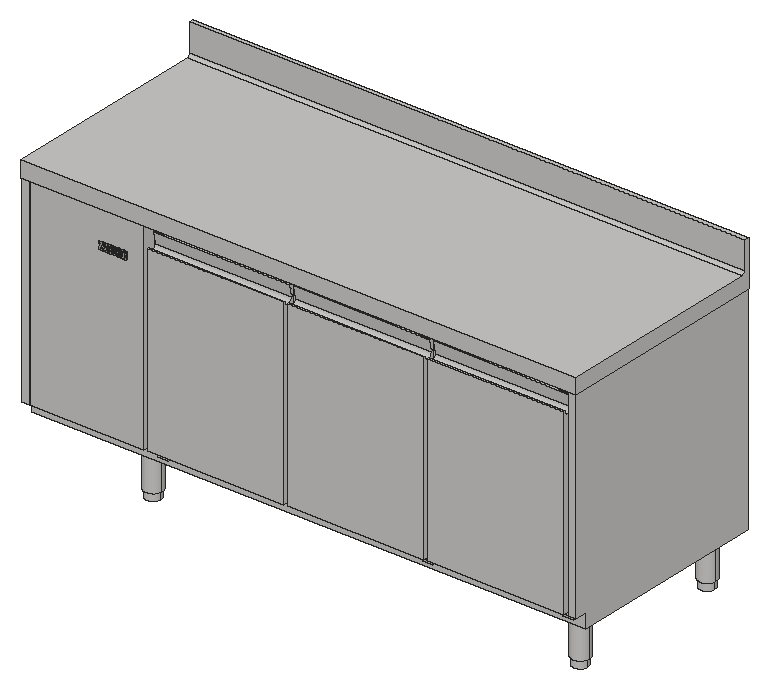
Revit family "QF_ZANUSSI_111038_ZH3H3AAA", category Specialty Equipment, Revit 2018
Family settings
  Round Connector Dimension = Use Diameter
  Part Type = Normal
  Work Plane-Based = No
  Always vertical = Yes
  Cut with Voids When Loaded = No
  Shared = No
  Room Calculation Point = No
Parameters
  Weight = 0.00 kg
  Watts = 0.0232258 W
  Volts = 220 V
  URL Manufacturer = "http://www.zanussiprofessional.com/"
  URL = "http://www.zanussiprofessional.com/"
  Steam Supply Size = 0 mm
  Steam Supply Minimum Pressure = 0.0 Pa
  Steam Supply Maximum Pressure = 0.0 Pa
  Steam Pounds per Hour = 0
  Show Logo [instance] = yes
  Show Clearance [instance] = yes
  Refrigeration Suction Line Size = 0 mm
  Refrigeration Liquid Line Size = 0 mm
  Refrigerant Compressor Remote = yes
  Manufacturer = "Zanussi"
  Phase = 1
  Model = "ZH3H3AAA"
  Length Actual = 1799 mm  # constant formula
  Item Number = "111038"
  Hot Water Size = 0 mm
  Height Actual = 1000 mm  # constant formula
  HP = "0.3 HP"
  Gas Size = 0 mm
  Gas KW = 0
  Gas Input Pressure = 0 W
  Description = "3 DOORS REFRIGER.TABLE 440L-SPLASHB"
  Depth Actual = 700 mm  # constant formula
  Cycle = 50 Hz
  Condensate Return Size = 0 mm
  Compressed Air Volume = 0.0 L/s
  Compressed Air Size = 0 mm
  Compressed Air Pressure = 0.0 Pa
  Cold Water Size = 0 mm
  Accessory = yes
Reference planes
  plane 1 "Center X": y = 182.5
  plane 2: z = 0
  plane 3 "Center Y": x = -353.5
  plane 4: y = -62.5
  plane 5: y = 451.5
  plane 6 "BACK": y = 532.5
  plane 7 "FRONT": y = -167.5
  plane 8: x = -906
  plane 9: x = 478
  plane 10: z = 150
  plane 11 "TOP": z = 900
  plane 12: z = 850
  plane 13 "LEFT": x = -1251
  plane 14 "RIGHT": x = 544
  plane 15: x = -1253
  plane 16: x = 546
Forms (mm)
  Extrusion 1, solid, material "QF_Finishes_Stainless Steel"
    sketch origin (-353.5, 2, 0) x (0, 1, 0) y (0, 0, 1)
      loop
        line (530.5, 150) -> (530.5, 850) -> (-124.5, 850) -> (-124.5, 150) -> (530.5, 150)
    from -897.5 to 897.5
  Extrusion 2, solid, material "QF_Finishes_Stainless Steel"
    sketch origin (-1022.223, -1524, 150) x (-1, 0, 0) y (0, -1, 0)
      loop
        line (228.777, -1361.5) -> (203.777, -1361.5) -> (203.777, -1401.5) -> (228.777, -1401.5) -> (228.777, -1361.5)
      loop
        line (-1566.223, -1401.5) -> (-1541.223, -1401.5) -> (-1541.223, -1361.5) -> (-1566.223, -1361.5) -> (-1566.223, -1401.5)
    from 47 to 700
  Extrusion 3, solid, material "QF_Finishes_Stainless Steel"
    sketch origin (0, 0, 900) x (-1, 0, 0) y (0, -1, 0)
      loop
        circle (170, -94.5) r 8.45
    from -790.577 to -750
  Extrusion 4, solid, material "QF_Finishes_Stainless Steel"
    sketch origin (0, 0, 0) x (1, 0, 0) y (0, 1, 0)
      loop
        circle (-1167, 451.5) r 4
    from 109.423 to 150
  Extrusion 5, solid, material "QF_Finishes_Stainless Steel"
    sketch origin (-126.5, 0, 0) x (0, 1, 0) y (0, 0, 1)
      loop
        line (-167.5, 900) -> (-167.5, 850) -> (532.5, 850) -> (532.5, 1000) -> (519.5, 1000) -> (519.5, 910)
        arc (519.5, 910) -> (516.571, 902.929) -> (509.5, 900) r 10
        line (509.5, 900) -> (-167.5, 900)
    from 672.5 to -1126.5
Cuts and joins
  joined: Extrusion 1, Extrusion 2
Lines and regions (mm)
  symbolic lines, style "SpecialityEquipmentHiddenLines"
    curve 1: line (-1253, -122.5, 900) -> (546, -122.5, 900)
    curve 2: line (-850, -167.5, 900) -> (-850, -122.5, 900)
  symbolic lines, style "SpecialityEquipment"
    curve 3: line (-1253, 532.5, 900) -> (546, 532.5, 900)
    curve 4: line (-1253, 532.5, 900) -> (-1253, -167.5, 900)
    curve 5: line (-1253, -167.5, 900) -> (546, -167.5, 900)
    curve 6: line (546, -167.5, 900) -> (546, 532.5, 900)
    curve 7: line (-1253, 519.5, 900) -> (546, 519.5, 900)
Dimensions and locks
  locked: plane 6 "BACK" to plane 7 "FRONT" at 700
  equal spacing: plane 6 "BACK", plane 1 "Center X", plane 7 "FRONT"
  locked: plane 6 "BACK" to plane 5 at 81
  plane 10 to level = 150 mm
  plane 11 "TOP" to plane 12 to plane 10 = 50 mm locked, 700 mm locked
  locked: Extrusion 2 sketch curve to Extrusion 2 sketch curve at 25  (x2)
  locked: plane 4 to plane 7 "FRONT" at 105
  locked: plane 6 "BACK" to Extrusion 3 sketch curve at 438
  equal spacing: plane 13 "LEFT", plane 3 "Center Y", plane 14 "RIGHT"
  plane 15 to plane 16 = 1799 mm
  locked: plane 13 "LEFT" to plane 8 at 345
  locked: plane 9 to plane 14 "RIGHT" at 66
  Extrusion 3 sketch curve to plane 14 "RIGHT" = 714 mm
  plane 13 "LEFT" to Extrusion 4 sketch curve = 84 mm
  locked: plane 6 "BACK" to Extrusion 4 sketch curve at 81
  locked: plane 10 to Extrusion 4 at 40.577
  aligned and locked: level to plane 2
  aligned and locked: plane 10 to Extrusion 3
  aligned and locked: nested 4 to plane 4
  aligned and locked: nested 1 to plane 4
  aligned and locked: nested 3 to plane 5
  aligned and locked: nested 2 to plane 5
  aligned and locked: plane 8 to nested 1
  aligned and locked: plane 8 to nested 2
  aligned and locked: plane 9 to nested 4
  aligned and locked: plane 9 to nested 3
  aligned and locked: Extrusion 1 to Extrusion 2
  aligned and locked: Extrusion 2 to Extrusion 1
  aligned and locked: Extrusion 2 sketch curve to plane 14 "RIGHT"
  aligned and locked: plane 13 "LEFT" to Extrusion 2 sketch curve
  aligned and locked: cut or joined group of Extrusion 1, Extrusion 2 to plane 10
  aligned and locked: plane 12 to cut or joined group of Extrusion 1, Extrusion 2
  aligned and locked: plane 10 to Extrusion 4
Automatic sketch dimensions
  plane 7 "FRONT" to Extrusion 2 sketch curve = 45 mm  (x2)
  plane 7 "FRONT" to Extrusion 2 sketch curve = 5 mm  (x2)
  Extrusion 1 sketch curve to plane 10 = 0 mm
  Extrusion 1 sketch curve to plane 12 = 0 mm
  Extrusion 1 sketch curve to plane 6 "BACK" = 0 mm
  plane 7 "FRONT" to Extrusion 1 sketch curve = 45 mm
  Extrusion 5 sketch curve to plane 7 "FRONT" = 0 mm
  Extrusion 5 sketch curve to plane 11 "TOP" = 0 mm
  Extrusion 5 sketch curve to plane 6 "BACK" = 0 mm
  Extrusion 5 sketch curve to plane 12 = 0 mm
  plane 11 "TOP" to Extrusion 5 sketch curve = 10 mm
  Extrusion 5 sketch curve to plane 6 "BACK" = 23 mm
  Extrusion 5 sketch curve to Extrusion 5 sketch curve = 90 mm
  curve 7 to plane 16 = 0 mm
  curve 2 to plane 7 "FRONT" = 0 mm
  curve 5 to plane 15 = 0 mm
  curve 3 to plane 6 "BACK" = 0 mm
  plane 8 to curve 2 = 56 mm
  curve 3 to curve 7 = 13 mm
  curve 1 to curve 4 = 45 mm
  radius of Extrusion 3 sketch curve = 8.45 mm
  radius of Extrusion 4 sketch curve = 4 mm
Nested families
  nested 1: "Foot_Ø50_H150" at (-906, -62.5, 0), type "Foot_Ø50_H150"
  nested 2: "Foot_Ø50_H150" at (-906, 451.5, 0), type "Foot_Ø50_H150"
  nested 3: "Foot_Ø50_H150" at (478, 451.5, 0), type "Foot_Ø50_H150"
  nested 4: "Foot_Ø50_H150" at (478, -62.5, 0), type "Foot_Ø50_H150"
  nested 5: "Door" at (285, -164.5, 0), Show Clearance <- "Show Clearance", type "Door"
  nested 6: "Door" at (-169, -164.5, 0), Show Clearance <- "Show Clearance", type "Door"
  nested 7: "Refrigerator" at (544, -167.5, 900), type "Refrigerator"
  nested 8: "ZAN_Cooling Unit" at (-1041.5, -164.5, 0), Show Logo <- "Show Logo", type "ZAN_Cooling Unit"
  nested 9: "Door" at (-623, -164.5, 0) x (-1, 0, 0) z (0, 0, 1), Show Clearance <- "Show Clearance", type "Door"
Connectors
  electrical at (-1167, 451.5, 109.423), driven by "Volts"
    settings: on Extrusion 4, index 4, voltage 220 V, apparent load 0 VA, apparent load phase1 0 VA, apparent load phase2 0 VA, apparent load phase3 0 VA, power factor 1, load classification "Altro", number of poles 1, system type 30, power factor state 1, is connector primary yes, connector utility no, sub classification motor no, connector description "Electrical Connection"
  piping at (-170, 94.5, 109.423), diameter 17
    settings: on Extrusion 3, index 5, connector inside diameter 609.6 mm, connector length 0 mm, flow factor 0, pipe flow 0.0 L/s, pressure drop 0.0 Pa, fitting loss kfactor 0, connector angle 0.00°, fixture units 0, engagement length 0 mm, angle of deflection 0.00°, flow configuration 1, flow direction 2, fitting loss method 0, system type 16, joint type 0, gender type 0, connector reference index -1, connector utility 0, adjustable connector no, is connector primary yes, connector description "Drain"
Definition of nested family "Foot_Ø50_H150"
  Reference planes
    plane 1 "Centro (Fronte/Retro)": y = 0
    plane 2: z = 0
    plane 3 "Centro (Sinistra/Destra)": x = 0
    plane 4: z = 150
  Forms (mm)
    Revolve 1, solid
      sketch origin (255.05, 0, 608.09) x (0, 0, 1) y (-1, 0, 0)
        loop
          line (-608.09, 255.05) -> (-608.09, 230.05) -> (-583.09, 230.05) -> (-583.09, 226.05) -> (-458.09, 226.05) -> (-458.09, 255.05) -> (-608.09, 255.05)
        axis (-608.09, 255.05) -> (-458.09, 255.05)
      angle from 0 to 360
  Dimensions and locks
    locked: Revolve 1 sketch curve to Revolve 1 sketch curve at 125
    aligned and locked: level to plane 2
    aligned and locked: plane 4 to Revolve 1 sketch curve
    aligned and locked: Revolve 1 sketch curve to level
    aligned and locked: plane 3 "Centro (Sinistra/Destra)" to Revolve 1 sketch curve
Definition of nested family "Door"
  Parameters
    Show Clearance [instance] = yes
  Reference planes
    plane 1 "FRONT": y = -3
    plane 2: z = 0
    plane 3 "Centro (Sinistra/Destra)": x = 0
    plane 4: z = 150
    plane 5: z = 850
    plane 6: x = -234
    plane 7: x = 234
    plane 8: x = -220
    plane 9: x = 220
  Forms (mm)
    Extrusion 1, solid
      sketch origin (0, 53, 511) x (0, 0, 1) y (0, -1, 0)
        loop
          line (-323.003, 28.5) -> (-316.501, 28.5) -> (-316.501, 31) -> (-325.503, 31) -> (-325.503, 13.5) -> (-345.503, 13.5) -> (-345.503, 11) -> (-323.003, 11) -> (-323.003, 23.259) -> (-323.003, 28.5)
        loop
          line (-314, 27) -> (-316.501, 27) -> (-316.501, 18.501) -> (-319.752, 18.501) -> (-319.752, 16) -> (-314, 16) -> (-314, 27)
        loop
          line (315.003, 27) -> (315.003, 13.948) -> (315.003, 11) -> (327.503, 11) -> (327.503, 13.5) -> (317.503, 13.5) -> (317.503, 27) -> (315.003, 27)
      from 185 to 220
    Extrusion 2, solid, visible <- "Show Clearance", detail levels coarse
      sketch origin (0, 53, 511) x (0, -1, 0) y (1, 0, 0)
        loop
          line (51, 220) -> (51, -220)
          arc (51, -220) -> (339.234, -79.44) -> (454, 220) r 437.168
          line (454, 220) -> (51, 220)
      from -314 to 314
    Extrusion 3, solid
      sketch origin (0, 55, 511) x (0, 0, 1) y (0, -1, 0)
        loop
          line (314, 18) -> (314, 29) -> (274.395, 22.5)
          arc (274.395, 22.5) -> (260.395, 36.5) -> (274.395, 50.5) r 14
          line (274.395, 50.5) -> (274.395, 53) -> (-314, 53) -> (-314, 18) -> (314, 18)
      from -220 to 220
  Lines and regions (mm)
    symbolic lines
      curve 1: line (220, -3, 0) -> (220, -401, 0)
      curve 2: line (220, -401, 0) -> (185, -401, 0)
      curve 3: line (185, -401, 0) -> (185, -3, 0)
      curve 4: arc (-219.722, -3, 0) -> (-89.51, -275.368, 0) -> (185, -401, 0) r 442.855
  Dimensions and locks
    aligned and locked: level to plane 2
Definition of nested family "ZAN_Cooling Unit"
  Parameters
    Show Logo [instance] = yes
  Reference planes
    plane 1 "FRONT": y = -3
    plane 2: z = 0
    plane 3 "Centro (Sinistra/Destra)": x = 0
    plane 4: z = 150
    plane 5: z = 850
    plane 6: x = -184.5
    plane 7: x = 184.5
  Forms (mm)
    Extrusion 1, solid
      sketch origin (0, 55, 511) x (0, 0, 1) y (0, -1, 0)
        loop
          line (-314, 53) -> (-314, 13) -> (339, 13) -> (339, 53) -> (-314, 53)
      from -184.5 to 184.5
  Lines and regions (mm)
    Split face 1
      outline origin (0, 2, 197) x (0, 0, 1) y (-1, 0, 0)
        loop
          line (566.835, 184.5) -> (566.835, -184.5)
        loop
          line (521.835, 184.5) -> (521.835, -184.5)
    Split face 2
      outline origin (0, 2, 197) x (0, 0, 1) y (-1, 0, 0)
        loop
          arc (510.649, 158.547) -> (506.648, 162.548) -> (502.647, 158.547) r 4.001
          line (502.647, 158.547) -> (502.647, 116.535)
          arc (502.647, 116.535) -> (506.648, 112.533) -> (510.649, 116.535) r 4.001
          line (510.649, 116.535) -> (510.649, 158.547)
    Split face 3
      outline origin (0, 2, 184.996) x (0, 0, 1) y (-1, 0, 0)
        loop
          arc (510.649, 158.547) -> (506.648, 162.548) -> (502.647, 158.547) r 4.001
          line (502.647, 158.547) -> (502.647, 116.535)
          arc (502.647, 116.535) -> (506.648, 112.533) -> (510.649, 116.535) r 4.001
          line (510.649, 116.535) -> (510.649, 158.547)
    Split face 4
      outline origin (0, 2, 172.993) x (0, 0, 1) y (-1, 0, 0)
        loop
          arc (510.649, 158.547) -> (506.648, 162.548) -> (502.647, 158.547) r 4.001
          line (502.647, 158.547) -> (502.647, 116.535)
          arc (502.647, 116.535) -> (506.648, 112.533) -> (510.649, 116.535) r 4.001
          line (510.649, 116.535) -> (510.649, 158.547)
    Split face 5
      outline origin (0, 2, 160.989) x (0, 0, 1) y (-1, 0, 0)
        loop
          arc (510.649, 158.547) -> (506.648, 162.548) -> (502.647, 158.547) r 4.001
          line (502.647, 158.547) -> (502.647, 116.535)
          arc (502.647, 116.535) -> (506.648, 112.533) -> (510.649, 116.535) r 4.001
          line (510.649, 116.535) -> (510.649, 158.547)
    Split face 6
      outline origin (0, 2, 148.986) x (0, 0, 1) y (-1, 0, 0)
        loop
          arc (510.649, 158.547) -> (506.648, 162.548) -> (502.647, 158.547) r 4.001
          line (502.647, 158.547) -> (502.647, 116.535)
          arc (502.647, 116.535) -> (506.648, 112.533) -> (510.649, 116.535) r 4.001
          line (510.649, 116.535) -> (510.649, 158.547)
    Split face 7
      outline origin (0, 2, 136.982) x (0, 0, 1) y (-1, 0, 0)
        loop
          arc (510.649, 158.547) -> (506.648, 162.548) -> (502.647, 158.547) r 4.001
          line (502.647, 158.547) -> (502.647, 116.535)
          arc (502.647, 116.535) -> (506.648, 112.533) -> (510.649, 116.535) r 4.001
          line (510.649, 116.535) -> (510.649, 158.547)
    Split face 8
      outline origin (0, 2, 124.979) x (0, 0, 1) y (-1, 0, 0)
        loop
          arc (510.649, 158.547) -> (506.648, 162.548) -> (502.647, 158.547) r 4.001
          line (502.647, 158.547) -> (502.647, 116.535)
          arc (502.647, 116.535) -> (506.648, 112.533) -> (510.649, 116.535) r 4.001
          line (510.649, 116.535) -> (510.649, 158.547)
    Split face 9
      outline origin (0, 2, 112.975) x (0, 0, 1) y (-1, 0, 0)
        loop
          arc (510.649, 158.547) -> (506.648, 162.548) -> (502.647, 158.547) r 4.001
          line (502.647, 158.547) -> (502.647, 116.535)
          arc (502.647, 116.535) -> (506.648, 112.533) -> (510.649, 116.535) r 4.001
          line (510.649, 116.535) -> (510.649, 158.547)
    Split face 10
      outline origin (0, 2, 100.972) x (0, 0, 1) y (-1, 0, 0)
        loop
          arc (510.649, 158.547) -> (506.648, 162.548) -> (502.647, 158.547) r 4.001
          line (502.647, 158.547) -> (502.647, 116.535)
          arc (502.647, 116.535) -> (506.648, 112.533) -> (510.649, 116.535) r 4.001
          line (510.649, 116.535) -> (510.649, 158.547)
    Split face 11
      outline origin (0, 2, 88.968) x (0, 0, 1) y (-1, 0, 0)
        loop
          arc (510.649, 158.547) -> (506.648, 162.548) -> (502.647, 158.547) r 4.001
          line (502.647, 158.547) -> (502.647, 116.535)
          arc (502.647, 116.535) -> (506.648, 112.533) -> (510.649, 116.535) r 4.001
          line (510.649, 116.535) -> (510.649, 158.547)
    Split face 12
      outline origin (0, 2, 76.965) x (0, 0, 1) y (-1, 0, 0)
        loop
          arc (510.649, 158.547) -> (506.648, 162.548) -> (502.647, 158.547) r 4.001
          line (502.647, 158.547) -> (502.647, 116.535)
          arc (502.647, 116.535) -> (506.648, 112.533) -> (510.649, 116.535) r 4.001
          line (510.649, 116.535) -> (510.649, 158.547)
    Split face 13
      outline origin (0, 2, 64.961) x (0, 0, 1) y (-1, 0, 0)
        loop
          arc (510.649, 158.547) -> (506.648, 162.548) -> (502.647, 158.547) r 4.001
          line (502.647, 158.547) -> (502.647, 116.535)
          arc (502.647, 116.535) -> (506.648, 112.533) -> (510.649, 116.535) r 4.001
          line (510.649, 116.535) -> (510.649, 158.547)
    Split face 14
      outline origin (0, 2, 52.958) x (0, 0, 1) y (-1, 0, 0)
        loop
          arc (510.649, 158.547) -> (506.648, 162.548) -> (502.647, 158.547) r 4.001
          line (502.647, 158.547) -> (502.647, 116.535)
          arc (502.647, 116.535) -> (506.648, 112.533) -> (510.649, 116.535) r 4.001
          line (510.649, 116.535) -> (510.649, 158.547)
    Split face 15
      outline origin (0, 2, 40.954) x (0, 0, 1) y (-1, 0, 0)
        loop
          arc (510.649, 158.547) -> (506.648, 162.548) -> (502.647, 158.547) r 4.001
          line (502.647, 158.547) -> (502.647, 116.535)
          arc (502.647, 116.535) -> (506.648, 112.533) -> (510.649, 116.535) r 4.001
          line (510.649, 116.535) -> (510.649, 158.547)
    Split face 16
      outline origin (0, 2, 28.951) x (0, 0, 1) y (-1, 0, 0)
        loop
          arc (510.649, 158.547) -> (506.648, 162.548) -> (502.647, 158.547) r 4.001
          line (502.647, 158.547) -> (502.647, 116.535)
          arc (502.647, 116.535) -> (506.648, 112.533) -> (510.649, 116.535) r 4.001
          line (510.649, 116.535) -> (510.649, 158.547)
    Split face 17
      outline origin (0, 2, 16.947) x (0, 0, 1) y (-1, 0, 0)
        loop
          arc (510.649, 158.547) -> (506.648, 162.548) -> (502.647, 158.547) r 4.001
          line (502.647, 158.547) -> (502.647, 116.535)
          arc (502.647, 116.535) -> (506.648, 112.533) -> (510.649, 116.535) r 4.001
          line (510.649, 116.535) -> (510.649, 158.547)
    Split face 18
      outline origin (55.016, 2, 197) x (0, 0, 1) y (-1, 0, 0)
        loop
          arc (510.649, 158.547) -> (506.648, 162.548) -> (502.647, 158.547) r 4.001
          line (502.647, 158.547) -> (502.647, 116.535)
          arc (502.647, 116.535) -> (506.648, 112.533) -> (510.649, 116.535) r 4.001
          line (510.649, 116.535) -> (510.649, 158.547)
    Split face 19
      outline origin (55.016, 2, 184.996) x (0, 0, 1) y (-1, 0, 0)
        loop
          arc (510.649, 158.547) -> (506.648, 162.548) -> (502.647, 158.547) r 4.001
          line (502.647, 158.547) -> (502.647, 116.535)
          arc (502.647, 116.535) -> (506.648, 112.533) -> (510.649, 116.535) r 4.001
          line (510.649, 116.535) -> (510.649, 158.547)
    Split face 20
      outline origin (55.016, 2, 172.993) x (0, 0, 1) y (-1, 0, 0)
        loop
          arc (510.649, 158.547) -> (506.648, 162.548) -> (502.647, 158.547) r 4.001
          line (502.647, 158.547) -> (502.647, 116.535)
          arc (502.647, 116.535) -> (506.648, 112.533) -> (510.649, 116.535) r 4.001
          line (510.649, 116.535) -> (510.649, 158.547)
    Split face 21
      outline origin (55.016, 2, 160.989) x (0, 0, 1) y (-1, 0, 0)
        loop
          arc (510.649, 158.547) -> (506.648, 162.548) -> (502.647, 158.547) r 4.001
          line (502.647, 158.547) -> (502.647, 116.535)
          arc (502.647, 116.535) -> (506.648, 112.533) -> (510.649, 116.535) r 4.001
          line (510.649, 116.535) -> (510.649, 158.547)
    Split face 22
      outline origin (55.016, 2, 148.986) x (0, 0, 1) y (-1, 0, 0)
        loop
          arc (510.649, 158.547) -> (506.648, 162.548) -> (502.647, 158.547) r 4.001
          line (502.647, 158.547) -> (502.647, 116.535)
          arc (502.647, 116.535) -> (506.648, 112.533) -> (510.649, 116.535) r 4.001
          line (510.649, 116.535) -> (510.649, 158.547)
    Split face 23
      outline origin (55.016, 2, 136.982) x (0, 0, 1) y (-1, 0, 0)
        loop
          arc (510.649, 158.547) -> (506.648, 162.548) -> (502.647, 158.547) r 4.001
          line (502.647, 158.547) -> (502.647, 116.535)
          arc (502.647, 116.535) -> (506.648, 112.533) -> (510.649, 116.535) r 4.001
          line (510.649, 116.535) -> (510.649, 158.547)
    Split face 24
      outline origin (55.016, 2, 124.979) x (0, 0, 1) y (-1, 0, 0)
        loop
          arc (510.649, 158.547) -> (506.648, 162.548) -> (502.647, 158.547) r 4.001
          line (502.647, 158.547) -> (502.647, 116.535)
          arc (502.647, 116.535) -> (506.648, 112.533) -> (510.649, 116.535) r 4.001
          line (510.649, 116.535) -> (510.649, 158.547)
    Split face 25
      outline origin (55.016, 2, 112.975) x (0, 0, 1) y (-1, 0, 0)
        loop
          arc (510.649, 158.547) -> (506.648, 162.548) -> (502.647, 158.547) r 4.001
          line (502.647, 158.547) -> (502.647, 116.535)
          arc (502.647, 116.535) -> (506.648, 112.533) -> (510.649, 116.535) r 4.001
          line (510.649, 116.535) -> (510.649, 158.547)
    Split face 26
      outline origin (55.016, 2, 100.972) x (0, 0, 1) y (-1, 0, 0)
        loop
          arc (510.649, 158.547) -> (506.648, 162.548) -> (502.647, 158.547) r 4.001
          line (502.647, 158.547) -> (502.647, 116.535)
          arc (502.647, 116.535) -> (506.648, 112.533) -> (510.649, 116.535) r 4.001
          line (510.649, 116.535) -> (510.649, 158.547)
    Split face 27
      outline origin (55.016, 2, 88.968) x (0, 0, 1) y (-1, 0, 0)
        loop
          arc (510.649, 158.547) -> (506.648, 162.548) -> (502.647, 158.547) r 4.001
          line (502.647, 158.547) -> (502.647, 116.535)
          arc (502.647, 116.535) -> (506.648, 112.533) -> (510.649, 116.535) r 4.001
          line (510.649, 116.535) -> (510.649, 158.547)
    Split face 28
      outline origin (55.016, 2, 76.965) x (0, 0, 1) y (-1, 0, 0)
        loop
          arc (510.649, 158.547) -> (506.648, 162.548) -> (502.647, 158.547) r 4.001
          line (502.647, 158.547) -> (502.647, 116.535)
          arc (502.647, 116.535) -> (506.648, 112.533) -> (510.649, 116.535) r 4.001
          line (510.649, 116.535) -> (510.649, 158.547)
    Split face 29
      outline origin (55.016, 2, 64.961) x (0, 0, 1) y (-1, 0, 0)
        loop
          arc (510.649, 158.547) -> (506.648, 162.548) -> (502.647, 158.547) r 4.001
          line (502.647, 158.547) -> (502.647, 116.535)
          arc (502.647, 116.535) -> (506.648, 112.533) -> (510.649, 116.535) r 4.001
          line (510.649, 116.535) -> (510.649, 158.547)
    Split face 30
      outline origin (55.016, 2, 52.958) x (0, 0, 1) y (-1, 0, 0)
        loop
          arc (510.649, 158.547) -> (506.648, 162.548) -> (502.647, 158.547) r 4.001
          line (502.647, 158.547) -> (502.647, 116.535)
          arc (502.647, 116.535) -> (506.648, 112.533) -> (510.649, 116.535) r 4.001
          line (510.649, 116.535) -> (510.649, 158.547)
    Split face 31
      outline origin (55.016, 2, 40.954) x (0, 0, 1) y (-1, 0, 0)
        loop
          arc (510.649, 158.547) -> (506.648, 162.548) -> (502.647, 158.547) r 4.001
          line (502.647, 158.547) -> (502.647, 116.535)
          arc (502.647, 116.535) -> (506.648, 112.533) -> (510.649, 116.535) r 4.001
          line (510.649, 116.535) -> (510.649, 158.547)
    Split face 32
      outline origin (55.016, 2, 28.951) x (0, 0, 1) y (-1, 0, 0)
        loop
          arc (510.649, 158.547) -> (506.648, 162.548) -> (502.647, 158.547) r 4.001
          line (502.647, 158.547) -> (502.647, 116.535)
          arc (502.647, 116.535) -> (506.648, 112.533) -> (510.649, 116.535) r 4.001
          line (510.649, 116.535) -> (510.649, 158.547)
    Split face 33
      outline origin (55.016, 2, 16.947) x (0, 0, 1) y (-1, 0, 0)
        loop
          arc (510.649, 158.547) -> (506.648, 162.548) -> (502.647, 158.547) r 4.001
          line (502.647, 158.547) -> (502.647, 116.535)
          arc (502.647, 116.535) -> (506.648, 112.533) -> (510.649, 116.535) r 4.001
          line (510.649, 116.535) -> (510.649, 158.547)
    Split face 34
      outline origin (110.032, 2, 197) x (0, 0, 1) y (-1, 0, 0)
        loop
          arc (510.649, 158.547) -> (506.648, 162.548) -> (502.647, 158.547) r 4.001
          line (502.647, 158.547) -> (502.647, 116.535)
          arc (502.647, 116.535) -> (506.648, 112.533) -> (510.649, 116.535) r 4.001
          line (510.649, 116.535) -> (510.649, 158.547)
    Split face 35
      outline origin (110.032, 2, 184.996) x (0, 0, 1) y (-1, 0, 0)
        loop
          arc (510.649, 158.547) -> (506.648, 162.548) -> (502.647, 158.547) r 4.001
          line (502.647, 158.547) -> (502.647, 116.535)
          arc (502.647, 116.535) -> (506.648, 112.533) -> (510.649, 116.535) r 4.001
          line (510.649, 116.535) -> (510.649, 158.547)
    Split face 36
      outline origin (110.032, 2, 172.993) x (0, 0, 1) y (-1, 0, 0)
        loop
          arc (510.649, 158.547) -> (506.648, 162.548) -> (502.647, 158.547) r 4.001
          line (502.647, 158.547) -> (502.647, 116.535)
          arc (502.647, 116.535) -> (506.648, 112.533) -> (510.649, 116.535) r 4.001
          line (510.649, 116.535) -> (510.649, 158.547)
    Split face 37
      outline origin (110.032, 2, 160.989) x (0, 0, 1) y (-1, 0, 0)
        loop
          arc (510.649, 158.547) -> (506.648, 162.548) -> (502.647, 158.547) r 4.001
          line (502.647, 158.547) -> (502.647, 116.535)
          arc (502.647, 116.535) -> (506.648, 112.533) -> (510.649, 116.535) r 4.001
          line (510.649, 116.535) -> (510.649, 158.547)
    Split face 38
      outline origin (110.032, 2, 148.986) x (0, 0, 1) y (-1, 0, 0)
        loop
          arc (510.649, 158.547) -> (506.648, 162.548) -> (502.647, 158.547) r 4.001
          line (502.647, 158.547) -> (502.647, 116.535)
          arc (502.647, 116.535) -> (506.648, 112.533) -> (510.649, 116.535) r 4.001
          line (510.649, 116.535) -> (510.649, 158.547)
    Split face 39
      outline origin (110.032, 2, 136.982) x (0, 0, 1) y (-1, 0, 0)
        loop
          arc (510.649, 158.547) -> (506.648, 162.548) -> (502.647, 158.547) r 4.001
          line (502.647, 158.547) -> (502.647, 116.535)
          arc (502.647, 116.535) -> (506.648, 112.533) -> (510.649, 116.535) r 4.001
          line (510.649, 116.535) -> (510.649, 158.547)
    Split face 40
      outline origin (110.032, 2, 124.979) x (0, 0, 1) y (-1, 0, 0)
        loop
          arc (510.649, 158.547) -> (506.648, 162.548) -> (502.647, 158.547) r 4.001
          line (502.647, 158.547) -> (502.647, 116.535)
          arc (502.647, 116.535) -> (506.648, 112.533) -> (510.649, 116.535) r 4.001
          line (510.649, 116.535) -> (510.649, 158.547)
    Split face 41
      outline origin (110.032, 2, 112.975) x (0, 0, 1) y (-1, 0, 0)
        loop
          arc (510.649, 158.547) -> (506.648, 162.548) -> (502.647, 158.547) r 4.001
          line (502.647, 158.547) -> (502.647, 116.535)
          arc (502.647, 116.535) -> (506.648, 112.533) -> (510.649, 116.535) r 4.001
          line (510.649, 116.535) -> (510.649, 158.547)
    Split face 42
      outline origin (110.032, 2, 100.972) x (0, 0, 1) y (-1, 0, 0)
        loop
          arc (510.649, 158.547) -> (506.648, 162.548) -> (502.647, 158.547) r 4.001
          line (502.647, 158.547) -> (502.647, 116.535)
          arc (502.647, 116.535) -> (506.648, 112.533) -> (510.649, 116.535) r 4.001
          line (510.649, 116.535) -> (510.649, 158.547)
    Split face 43
      outline origin (110.032, 2, 88.968) x (0, 0, 1) y (-1, 0, 0)
        loop
          arc (510.649, 158.547) -> (506.648, 162.548) -> (502.647, 158.547) r 4.001
          line (502.647, 158.547) -> (502.647, 116.535)
          arc (502.647, 116.535) -> (506.648, 112.533) -> (510.649, 116.535) r 4.001
          line (510.649, 116.535) -> (510.649, 158.547)
    Split face 44
      outline origin (110.032, 2, 76.965) x (0, 0, 1) y (-1, 0, 0)
        loop
          arc (510.649, 158.547) -> (506.648, 162.548) -> (502.647, 158.547) r 4.001
          line (502.647, 158.547) -> (502.647, 116.535)
          arc (502.647, 116.535) -> (506.648, 112.533) -> (510.649, 116.535) r 4.001
          line (510.649, 116.535) -> (510.649, 158.547)
    Split face 45
      outline origin (110.032, 2, 64.961) x (0, 0, 1) y (-1, 0, 0)
        loop
          arc (510.649, 158.547) -> (506.648, 162.548) -> (502.647, 158.547) r 4.001
          line (502.647, 158.547) -> (502.647, 116.535)
          arc (502.647, 116.535) -> (506.648, 112.533) -> (510.649, 116.535) r 4.001
          line (510.649, 116.535) -> (510.649, 158.547)
    Split face 46
      outline origin (110.032, 2, 52.958) x (0, 0, 1) y (-1, 0, 0)
        loop
          arc (510.649, 158.547) -> (506.648, 162.548) -> (502.647, 158.547) r 4.001
          line (502.647, 158.547) -> (502.647, 116.535)
          arc (502.647, 116.535) -> (506.648, 112.533) -> (510.649, 116.535) r 4.001
          line (510.649, 116.535) -> (510.649, 158.547)
    Split face 47
      outline origin (110.032, 2, 40.954) x (0, 0, 1) y (-1, 0, 0)
        loop
          arc (510.649, 158.547) -> (506.648, 162.548) -> (502.647, 158.547) r 4.001
          line (502.647, 158.547) -> (502.647, 116.535)
          arc (502.647, 116.535) -> (506.648, 112.533) -> (510.649, 116.535) r 4.001
          line (510.649, 116.535) -> (510.649, 158.547)
    Split face 48
      outline origin (110.032, 2, 28.951) x (0, 0, 1) y (-1, 0, 0)
        loop
          arc (510.649, 158.547) -> (506.648, 162.548) -> (502.647, 158.547) r 4.001
          line (502.647, 158.547) -> (502.647, 116.535)
          arc (502.647, 116.535) -> (506.648, 112.533) -> (510.649, 116.535) r 4.001
          line (510.649, 116.535) -> (510.649, 158.547)
    Split face 49
      outline origin (110.032, 2, 16.947) x (0, 0, 1) y (-1, 0, 0)
        loop
          arc (510.649, 158.547) -> (506.648, 162.548) -> (502.647, 158.547) r 4.001
          line (502.647, 158.547) -> (502.647, 116.535)
          arc (502.647, 116.535) -> (506.648, 112.533) -> (510.649, 116.535) r 4.001
          line (510.649, 116.535) -> (510.649, 158.547)
    Split face 50
      outline origin (165.048, 2, 197) x (0, 0, 1) y (-1, 0, 0)
        loop
          arc (510.649, 158.547) -> (506.648, 162.548) -> (502.647, 158.547) r 4.001
          line (502.647, 158.547) -> (502.647, 116.535)
          arc (502.647, 116.535) -> (506.648, 112.533) -> (510.649, 116.535) r 4.001
          line (510.649, 116.535) -> (510.649, 158.547)
    Split face 51
      outline origin (165.048, 2, 184.996) x (0, 0, 1) y (-1, 0, 0)
        loop
          arc (510.649, 158.547) -> (506.648, 162.548) -> (502.647, 158.547) r 4.001
          line (502.647, 158.547) -> (502.647, 116.535)
          arc (502.647, 116.535) -> (506.648, 112.533) -> (510.649, 116.535) r 4.001
          line (510.649, 116.535) -> (510.649, 158.547)
    Split face 52
      outline origin (165.048, 2, 172.993) x (0, 0, 1) y (-1, 0, 0)
        loop
          arc (510.649, 158.547) -> (506.648, 162.548) -> (502.647, 158.547) r 4.001
          line (502.647, 158.547) -> (502.647, 116.535)
          arc (502.647, 116.535) -> (506.648, 112.533) -> (510.649, 116.535) r 4.001
          line (510.649, 116.535) -> (510.649, 158.547)
    Split face 53
      outline origin (165.048, 2, 160.989) x (0, 0, 1) y (-1, 0, 0)
        loop
          arc (510.649, 158.547) -> (506.648, 162.548) -> (502.647, 158.547) r 4.001
          line (502.647, 158.547) -> (502.647, 116.535)
          arc (502.647, 116.535) -> (506.648, 112.533) -> (510.649, 116.535) r 4.001
          line (510.649, 116.535) -> (510.649, 158.547)
    Split face 54
      outline origin (165.048, 2, 148.986) x (0, 0, 1) y (-1, 0, 0)
        loop
          arc (510.649, 158.547) -> (506.648, 162.548) -> (502.647, 158.547) r 4.001
          line (502.647, 158.547) -> (502.647, 116.535)
          arc (502.647, 116.535) -> (506.648, 112.533) -> (510.649, 116.535) r 4.001
          line (510.649, 116.535) -> (510.649, 158.547)
    Split face 55
      outline origin (165.048, 2, 136.982) x (0, 0, 1) y (-1, 0, 0)
        loop
          arc (510.649, 158.547) -> (506.648, 162.548) -> (502.647, 158.547) r 4.001
          line (502.647, 158.547) -> (502.647, 116.535)
          arc (502.647, 116.535) -> (506.648, 112.533) -> (510.649, 116.535) r 4.001
          line (510.649, 116.535) -> (510.649, 158.547)
    Split face 56
      outline origin (165.048, 2, 124.979) x (0, 0, 1) y (-1, 0, 0)
        loop
          arc (510.649, 158.547) -> (506.648, 162.548) -> (502.647, 158.547) r 4.001
          line (502.647, 158.547) -> (502.647, 116.535)
          arc (502.647, 116.535) -> (506.648, 112.533) -> (510.649, 116.535) r 4.001
          line (510.649, 116.535) -> (510.649, 158.547)
    Split face 57
      outline origin (165.048, 2, 112.975) x (0, 0, 1) y (-1, 0, 0)
        loop
          arc (510.649, 158.547) -> (506.648, 162.548) -> (502.647, 158.547) r 4.001
          line (502.647, 158.547) -> (502.647, 116.535)
          arc (502.647, 116.535) -> (506.648, 112.533) -> (510.649, 116.535) r 4.001
          line (510.649, 116.535) -> (510.649, 158.547)
    Split face 58
      outline origin (165.048, 2, 100.972) x (0, 0, 1) y (-1, 0, 0)
        loop
          arc (510.649, 158.547) -> (506.648, 162.548) -> (502.647, 158.547) r 4.001
          line (502.647, 158.547) -> (502.647, 116.535)
          arc (502.647, 116.535) -> (506.648, 112.533) -> (510.649, 116.535) r 4.001
          line (510.649, 116.535) -> (510.649, 158.547)
    Split face 59
      outline origin (165.048, 2, 88.968) x (0, 0, 1) y (-1, 0, 0)
        loop
          arc (510.649, 158.547) -> (506.648, 162.548) -> (502.647, 158.547) r 4.001
          line (502.647, 158.547) -> (502.647, 116.535)
          arc (502.647, 116.535) -> (506.648, 112.533) -> (510.649, 116.535) r 4.001
          line (510.649, 116.535) -> (510.649, 158.547)
    Split face 60
      outline origin (165.048, 2, 76.965) x (0, 0, 1) y (-1, 0, 0)
        loop
          arc (510.649, 158.547) -> (506.648, 162.548) -> (502.647, 158.547) r 4.001
          line (502.647, 158.547) -> (502.647, 116.535)
          arc (502.647, 116.535) -> (506.648, 112.533) -> (510.649, 116.535) r 4.001
          line (510.649, 116.535) -> (510.649, 158.547)
    Split face 61
      outline origin (165.048, 2, 64.961) x (0, 0, 1) y (-1, 0, 0)
        loop
          arc (510.649, 158.547) -> (506.648, 162.548) -> (502.647, 158.547) r 4.001
          line (502.647, 158.547) -> (502.647, 116.535)
          arc (502.647, 116.535) -> (506.648, 112.533) -> (510.649, 116.535) r 4.001
          line (510.649, 116.535) -> (510.649, 158.547)
    Split face 62
      outline origin (165.048, 2, 52.958) x (0, 0, 1) y (-1, 0, 0)
        loop
          arc (510.649, 158.547) -> (506.648, 162.548) -> (502.647, 158.547) r 4.001
          line (502.647, 158.547) -> (502.647, 116.535)
          arc (502.647, 116.535) -> (506.648, 112.533) -> (510.649, 116.535) r 4.001
          line (510.649, 116.535) -> (510.649, 158.547)
    Split face 63
      outline origin (165.048, 2, 40.954) x (0, 0, 1) y (-1, 0, 0)
        loop
          arc (510.649, 158.547) -> (506.648, 162.548) -> (502.647, 158.547) r 4.001
          line (502.647, 158.547) -> (502.647, 116.535)
          arc (502.647, 116.535) -> (506.648, 112.533) -> (510.649, 116.535) r 4.001
          line (510.649, 116.535) -> (510.649, 158.547)
    Split face 64
      outline origin (165.048, 2, 28.951) x (0, 0, 1) y (-1, 0, 0)
        loop
          arc (510.649, 158.547) -> (506.648, 162.548) -> (502.647, 158.547) r 4.001
          line (502.647, 158.547) -> (502.647, 116.535)
          arc (502.647, 116.535) -> (506.648, 112.533) -> (510.649, 116.535) r 4.001
          line (510.649, 116.535) -> (510.649, 158.547)
    Split face 65
      outline origin (165.048, 2, 16.947) x (0, 0, 1) y (-1, 0, 0)
        loop
          arc (510.649, 158.547) -> (506.648, 162.548) -> (502.647, 158.547) r 4.001
          line (502.647, 158.547) -> (502.647, 116.535)
          arc (502.647, 116.535) -> (506.648, 112.533) -> (510.649, 116.535) r 4.001
          line (510.649, 116.535) -> (510.649, 158.547)
    Split face 66
      outline origin (220.064, 2, 197) x (0, 0, 1) y (-1, 0, 0)
        loop
          arc (510.649, 158.547) -> (506.648, 162.548) -> (502.647, 158.547) r 4.001
          line (502.647, 158.547) -> (502.647, 116.535)
          arc (502.647, 116.535) -> (506.648, 112.533) -> (510.649, 116.535) r 4.001
          line (510.649, 116.535) -> (510.649, 158.547)
    Split face 67
      outline origin (220.064, 2, 184.996) x (0, 0, 1) y (-1, 0, 0)
        loop
          arc (510.649, 158.547) -> (506.648, 162.548) -> (502.647, 158.547) r 4.001
          line (502.647, 158.547) -> (502.647, 116.535)
          arc (502.647, 116.535) -> (506.648, 112.533) -> (510.649, 116.535) r 4.001
          line (510.649, 116.535) -> (510.649, 158.547)
    Split face 68
      outline origin (220.064, 2, 172.993) x (0, 0, 1) y (-1, 0, 0)
        loop
          arc (510.649, 158.547) -> (506.648, 162.548) -> (502.647, 158.547) r 4.001
          line (502.647, 158.547) -> (502.647, 116.535)
          arc (502.647, 116.535) -> (506.648, 112.533) -> (510.649, 116.535) r 4.001
          line (510.649, 116.535) -> (510.649, 158.547)
    Split face 69
      outline origin (220.064, 2, 160.989) x (0, 0, 1) y (-1, 0, 0)
        loop
          arc (510.649, 158.547) -> (506.648, 162.548) -> (502.647, 158.547) r 4.001
          line (502.647, 158.547) -> (502.647, 116.535)
          arc (502.647, 116.535) -> (506.648, 112.533) -> (510.649, 116.535) r 4.001
          line (510.649, 116.535) -> (510.649, 158.547)
    Split face 70
      outline origin (220.064, 2, 148.986) x (0, 0, 1) y (-1, 0, 0)
        loop
          arc (510.649, 158.547) -> (506.648, 162.548) -> (502.647, 158.547) r 4.001
          line (502.647, 158.547) -> (502.647, 116.535)
          arc (502.647, 116.535) -> (506.648, 112.533) -> (510.649, 116.535) r 4.001
          line (510.649, 116.535) -> (510.649, 158.547)
    Split face 71
      outline origin (220.064, 2, 136.982) x (0, 0, 1) y (-1, 0, 0)
        loop
          arc (510.649, 158.547) -> (506.648, 162.548) -> (502.647, 158.547) r 4.001
          line (502.647, 158.547) -> (502.647, 116.535)
          arc (502.647, 116.535) -> (506.648, 112.533) -> (510.649, 116.535) r 4.001
          line (510.649, 116.535) -> (510.649, 158.547)
    Split face 72
      outline origin (220.064, 2, 124.979) x (0, 0, 1) y (-1, 0, 0)
        loop
          arc (510.649, 158.547) -> (506.648, 162.548) -> (502.647, 158.547) r 4.001
          line (502.647, 158.547) -> (502.647, 116.535)
          arc (502.647, 116.535) -> (506.648, 112.533) -> (510.649, 116.535) r 4.001
          line (510.649, 116.535) -> (510.649, 158.547)
    Split face 73
      outline origin (220.064, 2, 112.975) x (0, 0, 1) y (-1, 0, 0)
        loop
          arc (510.649, 158.547) -> (506.648, 162.548) -> (502.647, 158.547) r 4.001
          line (502.647, 158.547) -> (502.647, 116.535)
          arc (502.647, 116.535) -> (506.648, 112.533) -> (510.649, 116.535) r 4.001
          line (510.649, 116.535) -> (510.649, 158.547)
    Split face 74
      outline origin (220.064, 2, 100.972) x (0, 0, 1) y (-1, 0, 0)
        loop
          arc (510.649, 158.547) -> (506.648, 162.548) -> (502.647, 158.547) r 4.001
          line (502.647, 158.547) -> (502.647, 116.535)
          arc (502.647, 116.535) -> (506.648, 112.533) -> (510.649, 116.535) r 4.001
          line (510.649, 116.535) -> (510.649, 158.547)
    Split face 75
      outline origin (220.064, 2, 88.968) x (0, 0, 1) y (-1, 0, 0)
        loop
          arc (510.649, 158.547) -> (506.648, 162.548) -> (502.647, 158.547) r 4.001
          line (502.647, 158.547) -> (502.647, 116.535)
          arc (502.647, 116.535) -> (506.648, 112.533) -> (510.649, 116.535) r 4.001
          line (510.649, 116.535) -> (510.649, 158.547)
    Split face 76
      outline origin (220.064, 2, 76.965) x (0, 0, 1) y (-1, 0, 0)
        loop
          arc (510.649, 158.547) -> (506.648, 162.548) -> (502.647, 158.547) r 4.001
          line (502.647, 158.547) -> (502.647, 116.535)
          arc (502.647, 116.535) -> (506.648, 112.533) -> (510.649, 116.535) r 4.001
          line (510.649, 116.535) -> (510.649, 158.547)
    Split face 77
      outline origin (220.064, 2, 64.961) x (0, 0, 1) y (-1, 0, 0)
        loop
          arc (510.649, 158.547) -> (506.648, 162.548) -> (502.647, 158.547) r 4.001
          line (502.647, 158.547) -> (502.647, 116.535)
          arc (502.647, 116.535) -> (506.648, 112.533) -> (510.649, 116.535) r 4.001
          line (510.649, 116.535) -> (510.649, 158.547)
    Split face 78
      outline origin (220.064, 2, 52.958) x (0, 0, 1) y (-1, 0, 0)
        loop
          arc (510.649, 158.547) -> (506.648, 162.548) -> (502.647, 158.547) r 4.001
          line (502.647, 158.547) -> (502.647, 116.535)
          arc (502.647, 116.535) -> (506.648, 112.533) -> (510.649, 116.535) r 4.001
          line (510.649, 116.535) -> (510.649, 158.547)
    Split face 79
      outline origin (220.064, 2, 40.954) x (0, 0, 1) y (-1, 0, 0)
        loop
          arc (510.649, 158.547) -> (506.648, 162.548) -> (502.647, 158.547) r 4.001
          line (502.647, 158.547) -> (502.647, 116.535)
          arc (502.647, 116.535) -> (506.648, 112.533) -> (510.649, 116.535) r 4.001
          line (510.649, 116.535) -> (510.649, 158.547)
    Split face 80
      outline origin (220.064, 2, 28.951) x (0, 0, 1) y (-1, 0, 0)
        loop
          arc (510.649, 158.547) -> (506.648, 162.548) -> (502.647, 158.547) r 4.001
          line (502.647, 158.547) -> (502.647, 116.535)
          arc (502.647, 116.535) -> (506.648, 112.533) -> (510.649, 116.535) r 4.001
          line (510.649, 116.535) -> (510.649, 158.547)
    Split face 81
      outline origin (220.064, 2, 16.947) x (0, 0, 1) y (-1, 0, 0)
        loop
          arc (510.649, 158.547) -> (506.648, 162.548) -> (502.647, 158.547) r 4.001
          line (502.647, 158.547) -> (502.647, 116.535)
          arc (502.647, 116.535) -> (506.648, 112.533) -> (510.649, 116.535) r 4.001
          line (510.649, 116.535) -> (510.649, 158.547)
    Split face 82
      outline origin (275.081, 2, 197) x (0, 0, 1) y (-1, 0, 0)
        loop
          arc (510.649, 158.547) -> (506.648, 162.548) -> (502.647, 158.547) r 4.001
          line (502.647, 158.547) -> (502.647, 116.535)
          arc (502.647, 116.535) -> (506.648, 112.533) -> (510.649, 116.535) r 4.001
          line (510.649, 116.535) -> (510.649, 158.547)
    Split face 83
      outline origin (275.081, 2, 184.996) x (0, 0, 1) y (-1, 0, 0)
        loop
          arc (510.649, 158.547) -> (506.648, 162.548) -> (502.647, 158.547) r 4.001
          line (502.647, 158.547) -> (502.647, 116.535)
          arc (502.647, 116.535) -> (506.648, 112.533) -> (510.649, 116.535) r 4.001
          line (510.649, 116.535) -> (510.649, 158.547)
    Split face 84
      outline origin (275.081, 2, 172.993) x (0, 0, 1) y (-1, 0, 0)
        loop
          arc (510.649, 158.547) -> (506.648, 162.548) -> (502.647, 158.547) r 4.001
          line (502.647, 158.547) -> (502.647, 116.535)
          arc (502.647, 116.535) -> (506.648, 112.533) -> (510.649, 116.535) r 4.001
          line (510.649, 116.535) -> (510.649, 158.547)
    Split face 85
      outline origin (275.081, 2, 160.989) x (0, 0, 1) y (-1, 0, 0)
        loop
          arc (510.649, 158.547) -> (506.648, 162.548) -> (502.647, 158.547) r 4.001
          line (502.647, 158.547) -> (502.647, 116.535)
          arc (502.647, 116.535) -> (506.648, 112.533) -> (510.649, 116.535) r 4.001
          line (510.649, 116.535) -> (510.649, 158.547)
    Split face 86
      outline origin (275.081, 2, 148.986) x (0, 0, 1) y (-1, 0, 0)
        loop
          arc (510.649, 158.547) -> (506.648, 162.548) -> (502.647, 158.547) r 4.001
          line (502.647, 158.547) -> (502.647, 116.535)
          arc (502.647, 116.535) -> (506.648, 112.533) -> (510.649, 116.535) r 4.001
          line (510.649, 116.535) -> (510.649, 158.547)
    Split face 87
      outline origin (275.081, 2, 136.982) x (0, 0, 1) y (-1, 0, 0)
        loop
          arc (510.649, 158.547) -> (506.648, 162.548) -> (502.647, 158.547) r 4.001
          line (502.647, 158.547) -> (502.647, 116.535)
          arc (502.647, 116.535) -> (506.648, 112.533) -> (510.649, 116.535) r 4.001
          line (510.649, 116.535) -> (510.649, 158.547)
    Split face 88
      outline origin (275.081, 2, 124.979) x (0, 0, 1) y (-1, 0, 0)
        loop
          arc (510.649, 158.547) -> (506.648, 162.548) -> (502.647, 158.547) r 4.001
          line (502.647, 158.547) -> (502.647, 116.535)
          arc (502.647, 116.535) -> (506.648, 112.533) -> (510.649, 116.535) r 4.001
          line (510.649, 116.535) -> (510.649, 158.547)
    Split face 89
      outline origin (275.081, 2, 112.975) x (0, 0, 1) y (-1, 0, 0)
        loop
          arc (510.649, 158.547) -> (506.648, 162.548) -> (502.647, 158.547) r 4.001
          line (502.647, 158.547) -> (502.647, 116.535)
          arc (502.647, 116.535) -> (506.648, 112.533) -> (510.649, 116.535) r 4.001
          line (510.649, 116.535) -> (510.649, 158.547)
    Split face 90
      outline origin (275.081, 2, 100.972) x (0, 0, 1) y (-1, 0, 0)
        loop
          arc (510.649, 158.547) -> (506.648, 162.548) -> (502.647, 158.547) r 4.001
          line (502.647, 158.547) -> (502.647, 116.535)
          arc (502.647, 116.535) -> (506.648, 112.533) -> (510.649, 116.535) r 4.001
          line (510.649, 116.535) -> (510.649, 158.547)
    Split face 91
      outline origin (275.081, 2, 88.968) x (0, 0, 1) y (-1, 0, 0)
        loop
          arc (510.649, 158.547) -> (506.648, 162.548) -> (502.647, 158.547) r 4.001
          line (502.647, 158.547) -> (502.647, 116.535)
          arc (502.647, 116.535) -> (506.648, 112.533) -> (510.649, 116.535) r 4.001
          line (510.649, 116.535) -> (510.649, 158.547)
    Split face 92
      outline origin (275.081, 2, 76.965) x (0, 0, 1) y (-1, 0, 0)
        loop
          arc (510.649, 158.547) -> (506.648, 162.548) -> (502.647, 158.547) r 4.001
          line (502.647, 158.547) -> (502.647, 116.535)
          arc (502.647, 116.535) -> (506.648, 112.533) -> (510.649, 116.535) r 4.001
          line (510.649, 116.535) -> (510.649, 158.547)
    Split face 93
      outline origin (275.081, 2, 64.961) x (0, 0, 1) y (-1, 0, 0)
        loop
          arc (510.649, 158.547) -> (506.648, 162.548) -> (502.647, 158.547) r 4.001
          line (502.647, 158.547) -> (502.647, 116.535)
          arc (502.647, 116.535) -> (506.648, 112.533) -> (510.649, 116.535) r 4.001
          line (510.649, 116.535) -> (510.649, 158.547)
    Split face 94
      outline origin (275.081, 2, 52.958) x (0, 0, 1) y (-1, 0, 0)
        loop
          arc (510.649, 158.547) -> (506.648, 162.548) -> (502.647, 158.547) r 4.001
          line (502.647, 158.547) -> (502.647, 116.535)
          arc (502.647, 116.535) -> (506.648, 112.533) -> (510.649, 116.535) r 4.001
          line (510.649, 116.535) -> (510.649, 158.547)
    Split face 95
      outline origin (275.081, 2, 40.954) x (0, 0, 1) y (-1, 0, 0)
        loop
          arc (510.649, 158.547) -> (506.648, 162.548) -> (502.647, 158.547) r 4.001
          line (502.647, 158.547) -> (502.647, 116.535)
          arc (502.647, 116.535) -> (506.648, 112.533) -> (510.649, 116.535) r 4.001
          line (510.649, 116.535) -> (510.649, 158.547)
    Split face 96
      outline origin (275.081, 2, 28.951) x (0, 0, 1) y (-1, 0, 0)
        loop
          arc (510.649, 158.547) -> (506.648, 162.548) -> (502.647, 158.547) r 4.001
          line (502.647, 158.547) -> (502.647, 116.535)
          arc (502.647, 116.535) -> (506.648, 112.533) -> (510.649, 116.535) r 4.001
          line (510.649, 116.535) -> (510.649, 158.547)
    Split face 97
      outline origin (275.081, 2, 16.947) x (0, 0, 1) y (-1, 0, 0)
        loop
          arc (510.649, 158.547) -> (506.648, 162.548) -> (502.647, 158.547) r 4.001
          line (502.647, 158.547) -> (502.647, 116.535)
          arc (502.647, 116.535) -> (506.648, 112.533) -> (510.649, 116.535) r 4.001
          line (510.649, 116.535) -> (510.649, 158.547)
    Split face 98
      outline origin (0, 2, -113.091) x (0, 0, 1) y (-1, 0, 0)
        loop
          arc (510.649, 158.547) -> (506.648, 162.548) -> (502.647, 158.547) r 4.001
          line (502.647, 158.547) -> (502.647, 116.535)
          arc (502.647, 116.535) -> (506.648, 112.533) -> (510.649, 116.535) r 4.001
          line (510.649, 116.535) -> (510.649, 158.547)
    Split face 99
      outline origin (0, 2, -125.094) x (0, 0, 1) y (-1, 0, 0)
        loop
          arc (510.649, 158.547) -> (506.648, 162.548) -> (502.647, 158.547) r 4.001
          line (502.647, 158.547) -> (502.647, 116.535)
          arc (502.647, 116.535) -> (506.648, 112.533) -> (510.649, 116.535) r 4.001
          line (510.649, 116.535) -> (510.649, 158.547)
    Split face 100
      outline origin (0, 2, -137.098) x (0, 0, 1) y (-1, 0, 0)
        loop
          arc (510.649, 158.547) -> (506.648, 162.548) -> (502.647, 158.547) r 4.001
          line (502.647, 158.547) -> (502.647, 116.535)
          arc (502.647, 116.535) -> (506.648, 112.533) -> (510.649, 116.535) r 4.001
          line (510.649, 116.535) -> (510.649, 158.547)
    Split face 101
      outline origin (0, 2, -149.101) x (0, 0, 1) y (-1, 0, 0)
        loop
          arc (510.649, 158.547) -> (506.648, 162.548) -> (502.647, 158.547) r 4.001
          line (502.647, 158.547) -> (502.647, 116.535)
          arc (502.647, 116.535) -> (506.648, 112.533) -> (510.649, 116.535) r 4.001
          line (510.649, 116.535) -> (510.649, 158.547)
    Split face 102
      outline origin (0, 2, -161.105) x (0, 0, 1) y (-1, 0, 0)
        loop
          arc (510.649, 158.547) -> (506.648, 162.548) -> (502.647, 158.547) r 4.001
          line (502.647, 158.547) -> (502.647, 116.535)
          arc (502.647, 116.535) -> (506.648, 112.533) -> (510.649, 116.535) r 4.001
          line (510.649, 116.535) -> (510.649, 158.547)
    Split face 103
      outline origin (0, 2, -173.108) x (0, 0, 1) y (-1, 0, 0)
        loop
          arc (510.649, 158.547) -> (506.648, 162.548) -> (502.647, 158.547) r 4.001
          line (502.647, 158.547) -> (502.647, 116.535)
          arc (502.647, 116.535) -> (506.648, 112.533) -> (510.649, 116.535) r 4.001
          line (510.649, 116.535) -> (510.649, 158.547)
    Split face 104
      outline origin (0, 2, -185.112) x (0, 0, 1) y (-1, 0, 0)
        loop
          arc (510.649, 158.547) -> (506.648, 162.548) -> (502.647, 158.547) r 4.001
          line (502.647, 158.547) -> (502.647, 116.535)
          arc (502.647, 116.535) -> (506.648, 112.533) -> (510.649, 116.535) r 4.001
          line (510.649, 116.535) -> (510.649, 158.547)
    Split face 105
      outline origin (0, 2, -197.115) x (0, 0, 1) y (-1, 0, 0)
        loop
          arc (510.649, 158.547) -> (506.648, 162.548) -> (502.647, 158.547) r 4.001
          line (502.647, 158.547) -> (502.647, 116.535)
          arc (502.647, 116.535) -> (506.648, 112.533) -> (510.649, 116.535) r 4.001
          line (510.649, 116.535) -> (510.649, 158.547)
    Split face 106
      outline origin (0, 2, -209.119) x (0, 0, 1) y (-1, 0, 0)
        loop
          arc (510.649, 158.547) -> (506.648, 162.548) -> (502.647, 158.547) r 4.001
          line (502.647, 158.547) -> (502.647, 116.535)
          arc (502.647, 116.535) -> (506.648, 112.533) -> (510.649, 116.535) r 4.001
          line (510.649, 116.535) -> (510.649, 158.547)
    Split face 107
      outline origin (0, 2, -221.122) x (0, 0, 1) y (-1, 0, 0)
        loop
          arc (510.649, 158.547) -> (506.648, 162.548) -> (502.647, 158.547) r 4.001
          line (502.647, 158.547) -> (502.647, 116.535)
          arc (502.647, 116.535) -> (506.648, 112.533) -> (510.649, 116.535) r 4.001
          line (510.649, 116.535) -> (510.649, 158.547)
    Split face 108
      outline origin (0, 2, -233.126) x (0, 0, 1) y (-1, 0, 0)
        loop
          arc (510.649, 158.547) -> (506.648, 162.548) -> (502.647, 158.547) r 4.001
          line (502.647, 158.547) -> (502.647, 116.535)
          arc (502.647, 116.535) -> (506.648, 112.533) -> (510.649, 116.535) r 4.001
          line (510.649, 116.535) -> (510.649, 158.547)
    Split face 109
      outline origin (0, 2, -245.129) x (0, 0, 1) y (-1, 0, 0)
        loop
          arc (510.649, 158.547) -> (506.648, 162.548) -> (502.647, 158.547) r 4.001
          line (502.647, 158.547) -> (502.647, 116.535)
          arc (502.647, 116.535) -> (506.648, 112.533) -> (510.649, 116.535) r 4.001
          line (510.649, 116.535) -> (510.649, 158.547)
    Split face 110
      outline origin (0, 2, -257.133) x (0, 0, 1) y (-1, 0, 0)
        loop
          arc (510.649, 158.547) -> (506.648, 162.548) -> (502.647, 158.547) r 4.001
          line (502.647, 158.547) -> (502.647, 116.535)
          arc (502.647, 116.535) -> (506.648, 112.533) -> (510.649, 116.535) r 4.001
          line (510.649, 116.535) -> (510.649, 158.547)
    Split face 111
      outline origin (0, 2, -269.136) x (0, 0, 1) y (-1, 0, 0)
        loop
          arc (510.649, 158.547) -> (506.648, 162.548) -> (502.647, 158.547) r 4.001
          line (502.647, 158.547) -> (502.647, 116.535)
          arc (502.647, 116.535) -> (506.648, 112.533) -> (510.649, 116.535) r 4.001
          line (510.649, 116.535) -> (510.649, 158.547)
    Split face 112
      outline origin (0, 2, -281.14) x (0, 0, 1) y (-1, 0, 0)
        loop
          arc (510.649, 158.547) -> (506.648, 162.548) -> (502.647, 158.547) r 4.001
          line (502.647, 158.547) -> (502.647, 116.535)
          arc (502.647, 116.535) -> (506.648, 112.533) -> (510.649, 116.535) r 4.001
          line (510.649, 116.535) -> (510.649, 158.547)
    Split face 113
      outline origin (0, 2, -293.144) x (0, 0, 1) y (-1, 0, 0)
        loop
          arc (510.649, 158.547) -> (506.648, 162.548) -> (502.647, 158.547) r 4.001
          line (502.647, 158.547) -> (502.647, 116.535)
          arc (502.647, 116.535) -> (506.648, 112.533) -> (510.649, 116.535) r 4.001
          line (510.649, 116.535) -> (510.649, 158.547)
    Split face 114
      outline origin (55.016, 2, -113.091) x (0, 0, 1) y (-1, 0, 0)
        loop
          arc (510.649, 158.547) -> (506.648, 162.548) -> (502.647, 158.547) r 4.001
          line (502.647, 158.547) -> (502.647, 116.535)
          arc (502.647, 116.535) -> (506.648, 112.533) -> (510.649, 116.535) r 4.001
          line (510.649, 116.535) -> (510.649, 158.547)
    Split face 115
      outline origin (55.016, 2, -125.094) x (0, 0, 1) y (-1, 0, 0)
        loop
          arc (510.649, 158.547) -> (506.648, 162.548) -> (502.647, 158.547) r 4.001
          line (502.647, 158.547) -> (502.647, 116.535)
          arc (502.647, 116.535) -> (506.648, 112.533) -> (510.649, 116.535) r 4.001
          line (510.649, 116.535) -> (510.649, 158.547)
    Split face 116
      outline origin (55.016, 2, -137.098) x (0, 0, 1) y (-1, 0, 0)
        loop
          arc (510.649, 158.547) -> (506.648, 162.548) -> (502.647, 158.547) r 4.001
          line (502.647, 158.547) -> (502.647, 116.535)
          arc (502.647, 116.535) -> (506.648, 112.533) -> (510.649, 116.535) r 4.001
          line (510.649, 116.535) -> (510.649, 158.547)
    Split face 117
      outline origin (55.016, 2, -149.101) x (0, 0, 1) y (-1, 0, 0)
        loop
          arc (510.649, 158.547) -> (506.648, 162.548) -> (502.647, 158.547) r 4.001
          line (502.647, 158.547) -> (502.647, 116.535)
          arc (502.647, 116.535) -> (506.648, 112.533) -> (510.649, 116.535) r 4.001
          line (510.649, 116.535) -> (510.649, 158.547)
    Split face 118
      outline origin (55.016, 2, -161.105) x (0, 0, 1) y (-1, 0, 0)
        loop
          arc (510.649, 158.547) -> (506.648, 162.548) -> (502.647, 158.547) r 4.001
          line (502.647, 158.547) -> (502.647, 116.535)
          arc (502.647, 116.535) -> (506.648, 112.533) -> (510.649, 116.535) r 4.001
          line (510.649, 116.535) -> (510.649, 158.547)
    Split face 119
      outline origin (55.016, 2, -173.108) x (0, 0, 1) y (-1, 0, 0)
        loop
          arc (510.649, 158.547) -> (506.648, 162.548) -> (502.647, 158.547) r 4.001
          line (502.647, 158.547) -> (502.647, 116.535)
          arc (502.647, 116.535) -> (506.648, 112.533) -> (510.649, 116.535) r 4.001
          line (510.649, 116.535) -> (510.649, 158.547)
    Split face 120
      outline origin (55.016, 2, -185.112) x (0, 0, 1) y (-1, 0, 0)
        loop
          arc (510.649, 158.547) -> (506.648, 162.548) -> (502.647, 158.547) r 4.001
          line (502.647, 158.547) -> (502.647, 116.535)
          arc (502.647, 116.535) -> (506.648, 112.533) -> (510.649, 116.535) r 4.001
          line (510.649, 116.535) -> (510.649, 158.547)
    Split face 121
      outline origin (55.016, 2, -197.115) x (0, 0, 1) y (-1, 0, 0)
        loop
          arc (510.649, 158.547) -> (506.648, 162.548) -> (502.647, 158.547) r 4.001
          line (502.647, 158.547) -> (502.647, 116.535)
          arc (502.647, 116.535) -> (506.648, 112.533) -> (510.649, 116.535) r 4.001
          line (510.649, 116.535) -> (510.649, 158.547)
    Split face 122
      outline origin (55.016, 2, -209.119) x (0, 0, 1) y (-1, 0, 0)
        loop
          arc (510.649, 158.547) -> (506.648, 162.548) -> (502.647, 158.547) r 4.001
          line (502.647, 158.547) -> (502.647, 116.535)
          arc (502.647, 116.535) -> (506.648, 112.533) -> (510.649, 116.535) r 4.001
          line (510.649, 116.535) -> (510.649, 158.547)
    Split face 123
      outline origin (55.016, 2, -221.122) x (0, 0, 1) y (-1, 0, 0)
        loop
          arc (510.649, 158.547) -> (506.648, 162.548) -> (502.647, 158.547) r 4.001
          line (502.647, 158.547) -> (502.647, 116.535)
          arc (502.647, 116.535) -> (506.648, 112.533) -> (510.649, 116.535) r 4.001
          line (510.649, 116.535) -> (510.649, 158.547)
    Split face 124
      outline origin (55.016, 2, -233.126) x (0, 0, 1) y (-1, 0, 0)
        loop
          arc (510.649, 158.547) -> (506.648, 162.548) -> (502.647, 158.547) r 4.001
          line (502.647, 158.547) -> (502.647, 116.535)
          arc (502.647, 116.535) -> (506.648, 112.533) -> (510.649, 116.535) r 4.001
          line (510.649, 116.535) -> (510.649, 158.547)
    Split face 125
      outline origin (55.016, 2, -245.129) x (0, 0, 1) y (-1, 0, 0)
        loop
          arc (510.649, 158.547) -> (506.648, 162.548) -> (502.647, 158.547) r 4.001
          line (502.647, 158.547) -> (502.647, 116.535)
          arc (502.647, 116.535) -> (506.648, 112.533) -> (510.649, 116.535) r 4.001
          line (510.649, 116.535) -> (510.649, 158.547)
    Split face 126
      outline origin (55.016, 2, -257.133) x (0, 0, 1) y (-1, 0, 0)
        loop
          arc (510.649, 158.547) -> (506.648, 162.548) -> (502.647, 158.547) r 4.001
          line (502.647, 158.547) -> (502.647, 116.535)
          arc (502.647, 116.535) -> (506.648, 112.533) -> (510.649, 116.535) r 4.001
          line (510.649, 116.535) -> (510.649, 158.547)
    Split face 127
      outline origin (55.016, 2, -269.136) x (0, 0, 1) y (-1, 0, 0)
        loop
          arc (510.649, 158.547) -> (506.648, 162.548) -> (502.647, 158.547) r 4.001
          line (502.647, 158.547) -> (502.647, 116.535)
          arc (502.647, 116.535) -> (506.648, 112.533) -> (510.649, 116.535) r 4.001
          line (510.649, 116.535) -> (510.649, 158.547)
    Split face 128
      outline origin (55.016, 2, -281.14) x (0, 0, 1) y (-1, 0, 0)
        loop
          arc (510.649, 158.547) -> (506.648, 162.548) -> (502.647, 158.547) r 4.001
          line (502.647, 158.547) -> (502.647, 116.535)
          arc (502.647, 116.535) -> (506.648, 112.533) -> (510.649, 116.535) r 4.001
          line (510.649, 116.535) -> (510.649, 158.547)
    Split face 129
      outline origin (55.016, 2, -293.144) x (0, 0, 1) y (-1, 0, 0)
        loop
          arc (510.649, 158.547) -> (506.648, 162.548) -> (502.647, 158.547) r 4.001
          line (502.647, 158.547) -> (502.647, 116.535)
